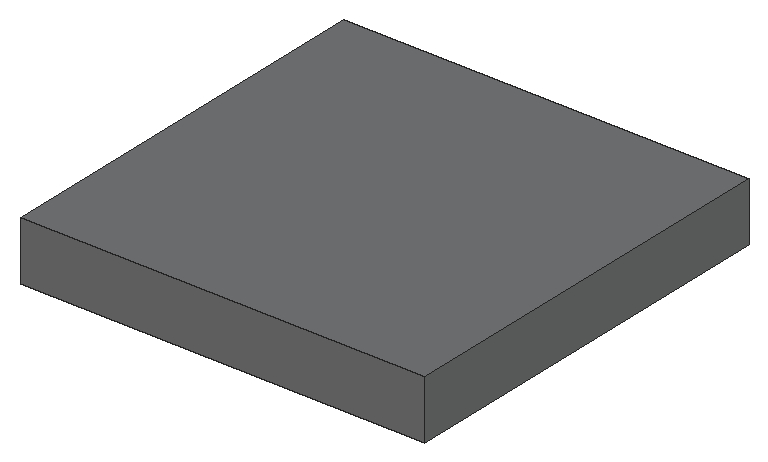
Revit family "Gira_0286005", category Electrical Fixtures, host Face, Revit 2017
Family settings
  Host = Face
  Maintain Annotation Orientation = No
  Round Connector Dimension = Use Diameter
  Part Type = Normal
  Cut with Voids When Loaded = No
  Shared = No
  Room Calculation Point = No
Parameters (values of type "Rocker sym.bell System 55 black m")
  URL = "http://katalog.gira.de/en/datenblatt.html?artikelnr=0286005"
  Name = "Rocker sym.bell System 55 black m"
  Model = "Single rocker"
  Manufacturer URL = "https://www.gira.de/"
  Manufacturer = "Gira"
  Keynote = ""
  HeinzeBIM = "https://bimportal.heinze.de/bim/rocker-sym-bell-system-55-black-m/ccd949458025548a3439b668f93067a00efafda0"
  HAN = "0286005"
  GTIN = "4010337038252"
  Description = "Rock.sym.bell Sys55 BKm,Rocker with symbol,Bell,black matt,"
  Default Elevation = 1219.2 mm
  Data sheet (1) = "https://katalog.gira.de/en/download.html?artikelnr=0286005"
  Category = "Control element/cover plate for domestic switching devices"
  BIM (1) = "https://media.stage.bim.site/public/gira/36a6b08/Sys55_Abdeckung_Schalten und Tasten.rfa?public/gira/36a6b08/Sys55_Abdeckung_Schalten und Tasten.rfa"
  Available = "No"
  Anthrazit [instance] = Anthrazit
Reference planes
  plane 1 "Center (Front/Back)": y = 0
  plane 2: z = 0
  plane 3 "Center (Left/Right)": x = 0
Forms (mm)
  Extrusion 1, solid, material "Anthrazit" <- "Anthrazit", detail levels fine
    sketch origin (0, 0, 0) x (1, 0, 0) y (0, 1, 0)
      loop
        line (-27.5, 27.5) -> (-27.5, -27.5) -> (27.5, -27.5) -> (27.5, 27.5) -> (-27.5, 27.5)
    from 0 to 8
  Extrusion 2, void
    sketch origin (0, 0, 0) x (1, 0, 0) y (0, 1, 0)
      loop
        line (26, 26) -> (-26, 26) -> (-26, -26) -> (26, -26) -> (26, 26)
    from 0 to 6
  Extrusion 3, solid, material "Anthrazit" <- "Anthrazit", detail levels medium
    sketch origin (0, 0, 0) x (1, 0, 0) y (0, 1, 0)
      loop
        line (-27.5, 27.5) -> (-27.5, -27.5) -> (27.5, -27.5) -> (27.5, 27.5) -> (-27.5, 27.5)
    from 0 to 8
  Extrusion 4, solid, material "Anthrazit" <- "Anthrazit", detail levels medium
    sketch origin (0, 0, 0) x (1, 0, 0) y (0, 1, 0)
      loop
        line (11, -17.5) -> (11, 17.5) -> (-11, 17.5) -> (-11, -17.5) -> (11, -17.5)
    from -6 to 6
  Extrusion 5, solid, material "Anthrazit" <- "Anthrazit", detail levels fine
    sketch origin (0, 0, 0) x (1, 0, 0) y (0, 1, 0)
      loop
        line (11, 17.5) -> (-11, 17.5) -> (-11, 16.5) -> (11, 16.5) -> (11, 17.5)
      loop
        line (-11, -16.5) -> (-11, -17.5) -> (11, -17.5) -> (11, -16.5) -> (-11, -16.5)
    from -4 to 6
  Extrusion 6, solid, material "Anthrazit" <- "Anthrazit", detail levels fine
    sketch origin (0, 0, 0) x (1, 0, 0) y (0, 1, 0)
      loop
        arc (5, 9.347) -> (0, 10.6) -> (-5, 9.347) r 10.6
        line (-5, 9.347) -> (-5, -9.347)
        arc (-5, -9.347) -> (0, -10.6) -> (5, -9.347) r 10.6
        line (5, -9.347) -> (5, 9.347)
    from -6 to 6
  Extrusion 7, solid, material "Anthrazit" <- "Anthrazit", detail levels coarse
    sketch origin (0, 0, 0) x (1, 0, 0) y (0, 1, 0)
      loop
        line (-27.5, 27.5) -> (-27.5, -27.5) -> (27.5, -27.5) -> (27.5, 27.5) -> (-27.5, 27.5)
    from -6 to 8
Cuts and joins
  Extrusion 2 cuts Extrusion 1
Dimensions and locks
  aligned and locked: plane 2 to host face
  aligned and locked: level to host face
